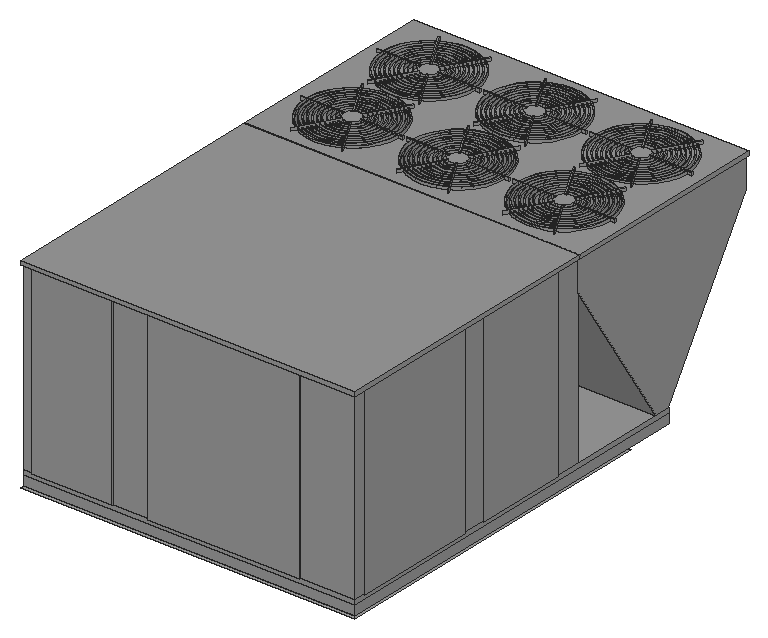
Revit family "RTU-1", category Mechanical Equipment, host Face, Revit 2025 (continued)
Automatic sketch dimensions
  Extrusion 43 sketch curve to plane 135 = 0"
  Extrusion 44 sketch curve to Extrusion 44 sketch curve = 0"  (x250)
  Extrusion 45 sketch curve to plane 148 = 0"
  Extrusion 46 sketch curve to plane 150 = 0"
  Extrusion 55 sketch curve to Extrusion 55 sketch curve = 0"  (x4)
  Extrusion 55 sketch curve to Extrusion 55 sketch curve = 1.0776"
  Extrusion 55 sketch curve to Extrusion 55 sketch curve = 0.21651"
  Extrusion 55 sketch curve to Extrusion 55 sketch curve = 9.96767"
  Extrusion 56 sketch curve to Extrusion 56 sketch curve = 0"  (x4)
  Extrusion 56 sketch curve to Extrusion 56 sketch curve = 1.0776"
  Extrusion 56 sketch curve to Extrusion 56 sketch curve = 0.21651"
  Extrusion 56 sketch curve to Extrusion 56 sketch curve = 0.06535"
  Extrusion 57 sketch curve to Extrusion 57 sketch curve = 0"  (x4)
  Extrusion 57 sketch curve to Extrusion 57 sketch curve = 1.0776"
  Extrusion 57 sketch curve to Extrusion 57 sketch curve = 0.21651"
  Extrusion 57 sketch curve to Extrusion 57 sketch curve = 0.06535"
  Extrusion 58 sketch curve to Extrusion 58 sketch curve = 0"  (x4)
  Extrusion 58 sketch curve to Extrusion 58 sketch curve = 1.0776"
  Extrusion 58 sketch curve to Extrusion 58 sketch curve = 0.21651"
  Extrusion 58 sketch curve to Extrusion 58 sketch curve = 9.96767"
  Extrusion 38 sketch curve to plane 107 = 2 3/8"
  Extrusion 39 sketch curve to Extrusion 39 sketch curve = 0"  (x4)
  Extrusion 39 sketch curve to plane 119 = 10.12829"
  Extrusion 39 sketch curve to Extrusion 39 sketch curve = 2.37171"
  Extrusion 40 sketch curve to Extrusion 40 sketch curve = 0"  (x4)
  Extrusion 40 sketch curve to plane 121 = 10.12829"
  Extrusion 40 sketch curve to Extrusion 40 sketch curve = 2.37171"
  Extrusion 47 sketch curve to Extrusion 47 sketch curve = 0"  (x4)
  Extrusion 47 sketch curve to plane 153 = 10.12829"
  Extrusion 48 sketch curve to Extrusion 48 sketch curve = 0"  (x4)
  Extrusion 48 sketch curve to plane 155 = 10.12829"
  Extrusion 49 sketch curve to Extrusion 49 sketch curve = 0"  (x4)
  Extrusion 49 sketch curve to plane 157 = 10.12829"
  Extrusion 50 sketch curve to Extrusion 50 sketch curve = 0"  (x4)
  Extrusion 50 sketch curve to plane 159 = 10.12829"
  Extrusion 39 sketch curve to Extrusion 39 sketch curve = 1/8"
  Extrusion 40 sketch curve to Extrusion 40 sketch curve = 1/8"
  Extrusion 41 sketch curve to plane 122 = 2 3/8"
  Extrusion 42 sketch curve to Extrusion 42 sketch curve = 0"  (x4)
  Extrusion 42 sketch curve to plane 134 = 10.12829"
  Extrusion 42 sketch curve to Extrusion 42 sketch curve = 2.37171"
  Extrusion 43 sketch curve to Extrusion 43 sketch curve = 0"  (x4)
  Extrusion 43 sketch curve to plane 136 = 10.12829"
  Extrusion 43 sketch curve to Extrusion 43 sketch curve = 2.37171"
  Extrusion 51 sketch curve to Extrusion 51 sketch curve = 0"  (x4)
  Extrusion 51 sketch curve to plane 161 = 10.12829"
  Extrusion 52 sketch curve to Extrusion 52 sketch curve = 0"  (x4)
  Extrusion 52 sketch curve to plane 163 = 10.12829"
  Extrusion 53 sketch curve to Extrusion 53 sketch curve = 0"  (x4)
  Extrusion 53 sketch curve to plane 165 = 10.12829"
  Extrusion 54 sketch curve to Extrusion 54 sketch curve = 0"  (x4)
  Extrusion 54 sketch curve to plane 167 = 10.12829"
  Extrusion 42 sketch curve to Extrusion 42 sketch curve = 1/8"
  Extrusion 43 sketch curve to Extrusion 43 sketch curve = 1/8"
  Extrusion 44 sketch curve to plane 137 = 2 3/8"
  Extrusion 45 sketch curve to Extrusion 45 sketch curve = 0"  (x4)
  Extrusion 45 sketch curve to plane 149 = 10.12829"
  Extrusion 45 sketch curve to Extrusion 45 sketch curve = 2.37171"
  Extrusion 46 sketch curve to Extrusion 46 sketch curve = 0"  (x4)
  Extrusion 46 sketch curve to plane 151 = 10.12829"
  Extrusion 46 sketch curve to Extrusion 46 sketch curve = 2.37171"
  Extrusion 55 sketch curve to plane 169 = 10.12829"
  Extrusion 56 sketch curve to plane 171 = 10.12829"
  Extrusion 57 sketch curve to plane 173 = 10.12829"
  Extrusion 58 sketch curve to plane 175 = 10.12829"
  Extrusion 45 sketch curve to Extrusion 45 sketch curve = 1/8"
  Extrusion 46 sketch curve to Extrusion 46 sketch curve = 1/8"
  Extrusion 51 sketch curve to Extrusion 51 sketch curve = 1.0776"
  Extrusion 51 sketch curve to Extrusion 51 sketch curve = 0.21651"
  Extrusion 51 sketch curve to Extrusion 51 sketch curve = 9.96767"
  Extrusion 52 sketch curve to Extrusion 52 sketch curve = 1.0776"
  Extrusion 52 sketch curve to Extrusion 52 sketch curve = 0.21651"
  Extrusion 52 sketch curve to Extrusion 52 sketch curve = 0.06535"
  Extrusion 53 sketch curve to Extrusion 53 sketch curve = 1.0776"
  Extrusion 53 sketch curve to Extrusion 53 sketch curve = 0.21651"
  Extrusion 53 sketch curve to Extrusion 53 sketch curve = 0.06535"
  Extrusion 54 sketch curve to Extrusion 54 sketch curve = 1.0776"
  Extrusion 54 sketch curve to Extrusion 54 sketch curve = 0.21651"
  Extrusion 54 sketch curve to Extrusion 54 sketch curve = 9.96767"
  radius of Extrusion 8 sketch curve = 12 1/2"  (x3)
  radius of Extrusion 13 sketch curve = 2 3/8"
  radius of Extrusion 13 sketch curve = 3 3/8"
  radius of Extrusion 13 sketch curve = 3 1/2"
  radius of Extrusion 13 sketch curve = 4 3/8"
  radius of Extrusion 13 sketch curve = 5 1/4"
  radius of Extrusion 13 sketch curve = 4 1/2"
  radius of Extrusion 13 sketch curve = 5 3/8"
  radius of Extrusion 13 sketch curve = 6 3/8"
  radius of Extrusion 13 sketch curve = 7 3/8"
  radius of Extrusion 13 sketch curve = 9 3/8"
  radius of Extrusion 13 sketch curve = 10 3/8"
  radius of Extrusion 13 sketch curve = 11 3/8"
  radius of Extrusion 13 sketch curve = 12 3/8"
  radius of Extrusion 13 sketch curve = 12 1/2"
  radius of Extrusion 13 sketch curve = 7 1/2"
  radius of Extrusion 13 sketch curve = 9 1/2"
  radius of Extrusion 13 sketch curve = 10 1/2"
  radius of Extrusion 13 sketch curve = 11 1/2"
  radius of Extrusion 13 sketch curve = 8 3/8"
  radius of Extrusion 13 sketch curve = 8 1/2"
  radius of Extrusion 13 sketch curve = 6 1/2"
  radius of Extrusion 9 sketch curve = 2 3/8"
  radius of Extrusion 9 sketch curve = 3 3/8"
  radius of Extrusion 9 sketch curve = 3 1/2"
  radius of Extrusion 9 sketch curve = 4 3/8"
  radius of Extrusion 9 sketch curve = 5 1/4"
  radius of Extrusion 9 sketch curve = 4 1/2"
  radius of Extrusion 9 sketch curve = 5 3/8"
  radius of Extrusion 9 sketch curve = 6 3/8"
  radius of Extrusion 9 sketch curve = 7 3/8"
  radius of Extrusion 9 sketch curve = 9 3/8"
  radius of Extrusion 9 sketch curve = 10 3/8"
  radius of Extrusion 9 sketch curve = 11 3/8"
  radius of Extrusion 9 sketch curve = 12 3/8"
  radius of Extrusion 9 sketch curve = 12 1/2"
  radius of Extrusion 9 sketch curve = 7 1/2"
  radius of Extrusion 9 sketch curve = 9 1/2"
  radius of Extrusion 9 sketch curve = 10 1/2"
  radius of Extrusion 9 sketch curve = 11 1/2"
  radius of Extrusion 9 sketch curve = 8 3/8"
  radius of Extrusion 9 sketch curve = 8 1/2"
  radius of Extrusion 9 sketch curve = 6 1/2"
  radius of Extrusion 16 sketch curve = 2 3/8"
  radius of Extrusion 16 sketch curve = 3 3/8"
  radius of Extrusion 16 sketch curve = 3 1/2"
  radius of Extrusion 16 sketch curve = 4 3/8"
  radius of Extrusion 16 sketch curve = 5 1/4"
  radius of Extrusion 16 sketch curve = 4 1/2"
  radius of Extrusion 16 sketch curve = 5 3/8"
  radius of Extrusion 16 sketch curve = 6 3/8"
  radius of Extrusion 16 sketch curve = 7 3/8"
  radius of Extrusion 16 sketch curve = 9 3/8"
  radius of Extrusion 16 sketch curve = 10 3/8"
  radius of Extrusion 16 sketch curve = 11 3/8"
  radius of Extrusion 16 sketch curve = 12 3/8"
  radius of Extrusion 16 sketch curve = 12 1/2"
  radius of Extrusion 16 sketch curve = 7 1/2"
  radius of Extrusion 16 sketch curve = 9 1/2"
  radius of Extrusion 16 sketch curve = 10 1/2"
  radius of Extrusion 16 sketch curve = 11 1/2"
  radius of Extrusion 16 sketch curve = 8 3/8"
  radius of Extrusion 16 sketch curve = 8 1/2"
  radius of Extrusion 16 sketch curve = 6 1/2"
  radius of Extrusion 19 sketch curve = 2 3/8"
  radius of Extrusion 19 sketch curve = 3 3/8"
  radius of Extrusion 19 sketch curve = 3 1/2"
  radius of Extrusion 19 sketch curve = 4 3/8"
  radius of Extrusion 19 sketch curve = 5 1/4"
  radius of Extrusion 19 sketch curve = 4 1/2"
  radius of Extrusion 19 sketch curve = 5 3/8"
  radius of Extrusion 19 sketch curve = 6 3/8"
  radius of Extrusion 19 sketch curve = 7 3/8"
  radius of Extrusion 19 sketch curve = 9 3/8"
  radius of Extrusion 19 sketch curve = 10 3/8"
  radius of Extrusion 19 sketch curve = 11 3/8"
  radius of Extrusion 19 sketch curve = 12 3/8"
  radius of Extrusion 19 sketch curve = 12 1/2"
  radius of Extrusion 19 sketch curve = 7 1/2"
  radius of Extrusion 19 sketch curve = 9 1/2"
  radius of Extrusion 19 sketch curve = 10 1/2"
  radius of Extrusion 19 sketch curve = 11 1/2"
  radius of Extrusion 19 sketch curve = 8 3/8"
  radius of Extrusion 19 sketch curve = 8 1/2"
  radius of Extrusion 19 sketch curve = 6 1/2"
  radius of Extrusion 38 sketch curve = 2 3/8"
  radius of Extrusion 38 sketch curve = 3 3/8"
  radius of Extrusion 38 sketch curve = 3 1/2"
  radius of Extrusion 38 sketch curve = 4 3/8"
  radius of Extrusion 38 sketch curve = 5 1/4"
  radius of Extrusion 38 sketch curve = 4 1/2"
  radius of Extrusion 38 sketch curve = 5 3/8"
  radius of Extrusion 38 sketch curve = 6 3/8"
  radius of Extrusion 38 sketch curve = 7 3/8"
  radius of Extrusion 38 sketch curve = 9 3/8"
  radius of Extrusion 38 sketch curve = 10 3/8"
  radius of Extrusion 38 sketch curve = 11 3/8"
  radius of Extrusion 38 sketch curve = 12 3/8"
  radius of Extrusion 38 sketch curve = 12 1/2"
  radius of Extrusion 38 sketch curve = 7 1/2"
  radius of Extrusion 38 sketch curve = 9 1/2"
  radius of Extrusion 38 sketch curve = 10 1/2"
  radius of Extrusion 38 sketch curve = 11 1/2"
  radius of Extrusion 38 sketch curve = 8 3/8"
  radius of Extrusion 38 sketch curve = 8 1/2"
  radius of Extrusion 38 sketch curve = 6 1/2"
  radius of Extrusion 41 sketch curve = 2 3/8"
  radius of Extrusion 41 sketch curve = 3 3/8"
  radius of Extrusion 41 sketch curve = 3 1/2"
  radius of Extrusion 41 sketch curve = 4 3/8"
  radius of Extrusion 41 sketch curve = 5 1/4"
  radius of Extrusion 41 sketch curve = 4 1/2"
  radius of Extrusion 41 sketch curve = 5 3/8"
  radius of Extrusion 41 sketch curve = 6 3/8"
  radius of Extrusion 41 sketch curve = 7 3/8"
  radius of Extrusion 41 sketch curve = 9 3/8"
  radius of Extrusion 41 sketch curve = 10 3/8"
  radius of Extrusion 41 sketch curve = 11 3/8"
  radius of Extrusion 41 sketch curve = 12 3/8"
  radius of Extrusion 41 sketch curve = 12 1/2"
  radius of Extrusion 41 sketch curve = 7 1/2"
  radius of Extrusion 41 sketch curve = 9 1/2"
  radius of Extrusion 41 sketch curve = 10 1/2"
  radius of Extrusion 41 sketch curve = 11 1/2"
  radius of Extrusion 41 sketch curve = 8 3/8"
  radius of Extrusion 41 sketch curve = 8 1/2"
  radius of Extrusion 41 sketch curve = 6 1/2"
  radius of Extrusion 44 sketch curve = 2 3/8"
  radius of Extrusion 44 sketch curve = 3 3/8"
  radius of Extrusion 44 sketch curve = 3 1/2"
  radius of Extrusion 44 sketch curve = 4 3/8"
  radius of Extrusion 44 sketch curve = 5 1/4"
  radius of Extrusion 44 sketch curve = 4 1/2"
  radius of Extrusion 44 sketch curve = 5 3/8"
  radius of Extrusion 44 sketch curve = 6 3/8"
  radius of Extrusion 44 sketch curve = 7 3/8"
  radius of Extrusion 44 sketch curve = 9 3/8"
  radius of Extrusion 44 sketch curve = 10 3/8"
  radius of Extrusion 44 sketch curve = 11 3/8"
  radius of Extrusion 44 sketch curve = 12 3/8"
  radius of Extrusion 44 sketch curve = 12 1/2"
  radius of Extrusion 44 sketch curve = 7 1/2"
  radius of Extrusion 44 sketch curve = 9 1/2"
  radius of Extrusion 44 sketch curve = 10 1/2"
  radius of Extrusion 44 sketch curve = 11 1/2"
  radius of Extrusion 44 sketch curve = 8 3/8"
  radius of Extrusion 44 sketch curve = 8 1/2"
  radius of Extrusion 44 sketch curve = 6 1/2"
Nested families (in)
  nested 1: "Panel" at (44.5625, -32.875, 28.84375) x (0, 1, 0) z (1, 0, 0), type "Panel"
    with Width 33 1/2", Length 49 7/16"
  nested 2: "Panel" at (44.5625, 2.6875, 28.84375) x (0, 1, 0) z (1, 0, 0), type "Panel"
    with Width 24 7/8", Length 49 7/16"
  nested 3: "Panel" at (-44.5625, -32.875, 28.84375) x (0, 1, 0) z (-1, 0, 0), type "Panel"
    with Width 33 1/2", Length 49 7/16"
  nested 4: "Panel" at (-44.5625, 2.6875, 28.84375) x (0, 1, 0) z (-1, 0, 0), type "Panel"
    with Width 24 7/8", Length 49 7/16"
  nested 5: "Panel" at (-31.46875, -52.75, 28.84375) x (1, 0, 0) z (0, -1, 0), type "Panel"
    with Width 21 9/16", Length 49 7/16"
  nested 6: "Panel" at (9.46875, -52.75, 28.84375) x (1, 0, 0) z (0, -1, 0), type "Panel"
    with Width 40 11/16", Length 49 7/16"
Definition of nested family "Panel"
  Parameters (values of type "Panel")
    Width [instance] = 21 9/16"
    Material = none
    Length [instance] = 49 7/16"
    Default Elevation = 48"
  Reference planes (in)
    plane 1 "Center (Front/Back)": y = 0
    plane 2: z = 0
    plane 3 "Center (Left/Right)": x = 0
    plane 4: z = 0.25
    plane 5: x = -10.78125
    plane 6: x = 10.78125
    plane 7: y = 24.71875
    plane 8: y = -24.71875
  Forms (in)
    Extrusion 1, solid
      sketch origin (0, 0, 0) x (1, 0, 0) y (0, 1, 0)
        loop
          line (-48, 48) -> (-48, -48) -> (48, -48) -> (48, 48) -> (-48, 48)
      from 0 to -12
    Extrusion 2, solid, material <- "Material"
      sketch origin (0, 0, 0) x (1, 0, 0) y (0, 1, 0)
        loop
          line (-10.78125, 24.71875) -> (-10.78125, -24.71875) -> (10.78125, -24.71875) -> (10.78125, 24.71875) -> (-10.78125, 24.71875)
      from 0 to 0.25
  Dimensions and locks (in)
    plane 4 to plane 2 = 1/4"
    equal spacing: plane 5, plane 3 "Center (Left/Right)", plane 6
    equal spacing: plane 7, plane 1 "Center (Front/Back)", plane 8
    "Length": plane 7 to plane 8
    "Width": plane 5 to plane 6
    aligned and locked: plane 2 to Extrusion 1
    aligned and locked: level to Extrusion 1
    aligned and locked: plane 4 to Extrusion 2
    aligned and locked: Extrusion 2 to plane 6
    aligned and locked: Extrusion 2 to plane 5
    aligned and locked: plane 8 to Extrusion 2
    aligned and locked: plane 7 to Extrusion 2
  Automatic sketch dimensions
    Extrusion 1 sketch curve to Extrusion 1 sketch curve = 96"  (x2)
    plane 5 to Extrusion 2 sketch curve = 0"
    Extrusion 2 sketch curve to plane 6 = 0"
    plane 1 "Center (Front/Back)" to Extrusion 2 sketch curve = 24 23/32"
    Extrusion 2 sketch curve to plane 1 "Center (Front/Back)" = 24 23/32"
